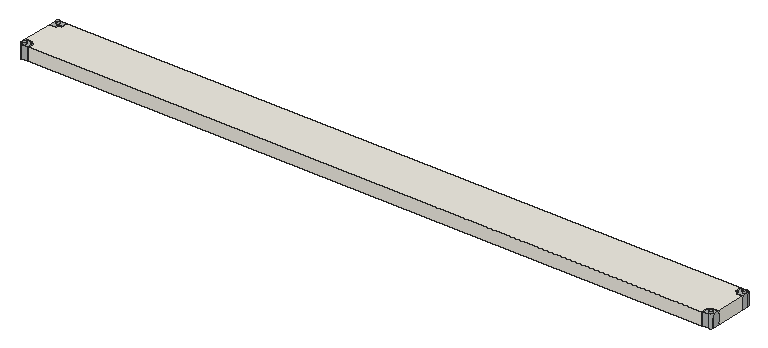
Revit family "HIGHTECH", category Осветительные приборы, Revit 2019 (continued)
Types (32, lengths in mm): name | Файл фотометрической сетки | built-in parameter 1150105 | Lumens | built-in parameter 1150106 | built-in parameter 1150142 | Wattage | Emit from Rectangle Width | Emit from Rectangle Length | Длина | Ширина | ADSK_Ток | ADSK_Полная мощность | ADSK_Обозначение | ADSK_Номинальная мощность | ADSK_Наименование | ADSK_Масса | ADSK_Код изделия
  Hightech-76/opal-sand 295х1195 (IP40, 4000К, белый) | "Светильник HIGHTECH-76 OPAL-SAND-(295x1195).ies" | 604.79 (stored number, unit not read) | 7600 lm | 6.0479 (stored number, unit not read) | "IESNA:LM-63-1995\r\n[TEST] Протокол №335/16 от 03.11.2016г. Испытательная лаборатория Государственного предприятия \"ЦСОТ НАН Беларуси\"\r\n[MORE] FFFFFFFD4B5B12BA015C1433E5FB5F5B8\r\n[DATA] 02.11.2016\r\n[MANUFAC] ЗАО \"Центрстройсвет\"\r\n[LUMCAT] Светильник HIGHTECH-76/OPAL-SAND-(295X1195)\r\n[LUMINAIRE] офисное освещение\r\n[LAMP] \r\nTILT=NONE\r\n1    -1.0   1.000 91 181 1 2   0.295   1.195   0.04\r\n1.0  1.0   75.50\r\n0.0 2.0 4.0 6.0 8.0 10.0 12.0 14.0 16.0 18.0 20.0 22.0 24.0 26.0 28.0 30.0 32.0 34.0 36.0 38.0 40.0 42.0 44.0 46.0 48.0 50.0 52.0 54.0 56.0 58.0 60.0 62.0 64.0 66.0 68.0 70.0 72.0 74.0 76.0 78.0 80.0 82.0 84.0 86.0 88.0 90.0 92.0 94.0 96.0 98.0 100.0 102.0 104.0 106.0 108.0 110.0 112.0 114.0 116.0 118.0 120.0 122.0 124.0 126.0 128.0 130.0 132.0 134.0 136.0 138.0 140.0 142.0 144.0 146.0 148.0 150.0 152.0 154.0 156.0 158.0 160.0 162.0 164.0 166.0 168.0 170.0 172.0 174.0 176.0 178.0 180.0 \r\n0.0 2.0 4.0 6.0 8.0 10.0 12.0 14.0 16.0 18.0 20.0 22.0 24.0 26.0 28.0 30.0 32.0 34.0 36.0 38.0 40.0 42.0 44.0 46.0 48.0 50.0 52.0 54.0 56.0 58.0 60.0 62.0 64.0 66.0 68.0 70.0 72.0 74.0 76.0 78.0 80.0 82.0 84.0 86.0 88.0 90.0 92.0 94.0 96.0 98.0 100.0 102.0 104.0 106.0 108.0 110.0 112.0 114.0 116.0 118.0 120.0 122.0 124.0 126.0 128.0 130.0 132.0 134.0 136.0 138.0 140.0 142.0 144.0 146.0 148.0 150.0 152.0 154.0 156.0 158.0 160.0 162.0 164.0 166.0 168.0 170.0 172.0 174.0 176.0 178.0 180.0 182.0 184.0 186.0 188.0 190.0 192.0 194.0 196.0 198.0 200.0 202.0 204.0 206.0 208.0 210.0 212.0 214.0 216.0 218.0 220.0 222.0 224.0 226.0 228.0 230.0 232.0 234.0 236.0 238.0 240.0 242.0 244.0 246.0 248.0 250.0 252.0 254.0 256.0 258.0 260.0 262.0 264.0 266.0 268.0 270.0 272.0 274.0 276.0 278.0 280.0 282.0 284.0 286.0 288.0 290.0 292.0 294.0 296.0 298.0 300.0 302.0 304.0 306.0 308.0 310.0 312.0 314.0 316.0 318.0 320.0 322.0 324.0 326.0 328.0 330.0 332.0 334.0 336.0 338.0 340.0 342.0 344.0 346.0 348.0 350.0 352.0 354.0 356.0 358.0 360.0 \r\n2755.907 2758.554 2753.161 2748.260 2733.459 2716.893 2696.309 2668.372 2638.377 2600.932 2557.411 2512.908 2465.466 2414.396 2357.836 2298.435 2239.229 2172.084 \r\n2104.547 2034.166 1962.708 1888.308 1811.654 1733.628 1653.446 1571.400 1488.670 1404.175 1318.796 1228.811 1141.474 1053.841 965.425 877.106 788.985 701.940 615.582 530.596 \r\n448.650 369.055 293.774 222.217 154.582 93.612 39.699 3.823 3.823 3.725 3.627 3.529 3.431 3.332 3.234 3.137 3.137 3.039 2.941 2.842 2.744 2.647 2.549 2.450 2.450 2.352 2.254 2.157 2.059 1.960 1.862 \r\n1.764 1.764 1.667 1.569 1.470 1.372 1.274 1.177 1.078 1.078 0.980 0.882 0.784 0.687 0.588 0.490 0.392 0.392 0.294 0.196 0.098 0.000 \r\n2755.907 2758.455 2753.064 2748.065 2733.166 2716.501 2695.819 2667.784 2637.692 2600.247 2556.724 2512.124 2464.681 2413.513 2356.954 2297.552 2238.249 2171.202 \r\n2103.565 2033.186 1961.727 1887.328 1810.674 1732.648 1652.465 1570.518 1487.788 1403.292 1317.816 1227.930 1140.689 1053.058 964.837 876.519 788.396 701.548 615.190 530.303 \r\n448.356 368.859 293.578 222.119 154.483 93.612 39.601 3.823 3.725 3.725 3.627 3.529 3.431 3.332 3.234 3.137 3.039 3.039 2.941 2.842 2.744 2.647 2.549 2.450 2.352 2.352 2.254 2.157 2.059 1.960 1.862 \r\n1.764 1.667 1.667 1.569 1.470 1.372 1.274 1.177 1.078 0.980 0.980 0.882 0.784 0.687 0.588 0.490 0.392 0.294 0.294 0.196 0.098 0.000 \r\n2755.907 2758.357 2752.868 2747.770 2732.871 2716.011 2695.329 2667.294 2637.005 2599.462 2556.039 2511.438 2463.897 2412.631 2356.072 2296.670 2237.269 2170.221 \r\n2102.585 2032.205 1960.747 1886.347 1809.694 1731.668 1651.485 1569.538 1486.905 1402.410 1316.934 1227.146 1139.905 1052.371 964.150 876.029 787.906 701.057 614.798 530.008 \r\n448.061 368.663 293.480 222.022 154.386 93.514 39.504 3.823 3.725 3.725 3.627 3.529 3.431 3.332 3.234 3.137 3.039 3.039 2.941 2.842 2.744 2.647 2.549 2.450 2.352 2.352 2.254 2.157 2.059 1.960 1.862 \r\n1.764 1.667 1.667 1.569 1.470 1.372 1.274 1.177 1.078 0.980 0.980 0.882 0.784 0.687 0.588 0.490 0.392 0.294 0.294 0.196 0.098 0.000 \r\n2755.907 2758.259 2752.770 2747.477 2732.577 2715.619 2694.741 2666.706 2636.319 2598.776 2555.352 2510.654 2463.113 2411.749 2355.190 2295.788 2236.289 2169.241 \r\n2101.605 2031.323 1959.767 1885.367 1808.713 1730.687 1650.505 1568.656 1485.925 1401.528 1316.052 1226.361 1139.219 1051.684 963.465 875.440 787.416 700.567 614.406 529.616 \r\n447.866 368.467 293.283 221.923 154.288 93.514 39.504 3.823 3.725 3.725 3.627 3.529 3.431 3.332 3.234 3.137 3.039 3.039 2.941 2.842 2.744 2.647 2.549 2.450 2.352 2.352 2.254 2.157 2.059 1.960 1.862 \r\n1.764 1.667 1.667 1.569 1.470 1.372 1.274 1.177 1.078 0.980 0.980 0.882 0.784 0.687 0.588 0.490 0.392 0.294 0.294 0.196 0.098 0.000 \r\n2755.907 2758.161 2752.671 2747.280 2732.283 2715.227 2694.250 2666.117 2635.633 2598.090 2554.764 2509.967 2462.329 2410.964 2354.406 2294.906 2235.309 2168.359 \r\n2100.625 2030.343 1958.787 1884.387 1807.733 1729.707 1649.525 1567.676 1485.043 1400.646 1315.072 1225.479 1138.435 1050.901 962.876 874.852 786.926 700.176 614.013 529.323 \r\n447.571 368.272 293.088 221.825 154.190 93.415 39.405 3.823 3.725 3.725 3.627 3.529 3.431 3.332 3.234 3.137 3.039 3.039 2.941 2.842 2.744 2.647 2.549 2.450 2.352 2.352 2.254 2.157 2.059 1.960 1.862 \r\n1.764 1.667 1.667 1.569 1.470 1.372 1.274 1.177 1.078 0.980 0.980 0.882 0.784 0.687 0.588 0.490 0.392 0.294 0.294 0.196 0.098 0.000 \r\n2755.907 2757.965 2752.574 2746.987 2731.989 2714.835 2693.662 2665.530 2635.045 2597.404 2554.078 2509.184 2461.545 2410.082 2353.524 2294.024 2234.328 2167.378 \r\n2099.743 2029.363 1957.708 1883.309 1806.753 1728.727 1648.643 1566.794 1484.161 1399.764 1314.190 1224.695 1137.651 1050.214 962.190 874.264 786.338 699.685 613.621 529.028 \r\n447.278 368.075 292.990 221.727 154.190 93.415 39.405 3.823 3.725 3.627 3.627 3.529 3.431 3.332 3.234 3.137 3.039 3.039 2.941 2.842 2.744 2.647 2.549 2.450 2.352 2.352 2.254 2.157 2.059 1.960 1.862 \r\n1.764 1.667 1.667 1.569 1.470 1.372 1.274 1.177 1.078 0.980 0.980 0.882 0.784 0.687 0.588 0.490 0.392 0.294 0.294 0.196 0.098 0.000 \r\n2755.907 2757.867 2752.378 2746.692 2731.695 2714.443 2693.172 2665.040 2634.358 2596.718 2553.392 2508.497 2460.760 2409.200 2352.642 2293.141 2233.348 2166.398 \r\n2098.763 2028.383 1956.728 1882.328 1805.773 1727.747 1647.662 1565.814 1483.181 1398.881 1313.307 1223.911 1136.965 1049.529 961.603 873.675 785.848 699.195 613.230 528.734 \r\n446.983 367.879 292.793 221.629 154.091 93.317 39.307 3.823 3.725 3.627 3.627 3.529 3.431 3.332 3.234 3.137 3.039 2.941 2.941 2.842 2.744 2.647 2.549 2.450 2.352 2.352 2.254 2.157 2.059 1.960 1.862 \r\n1.764 1.667 1.667 1.569 1.470 1.372 1.274 1.177 1.078 0.980 0.980 0.882 0.784 0.687 0.588 0.490 0.392 0.294 0.294 0.196 0.098 0.000 \r\n2755.907 2757.769 2752.279 2746.497 2731.302 2713.953 2692.682 2664.452 2633.673 2596.031 2552.705 2507.713 2459.976 2408.417 2351.759 2292.259 2232.368 2165.418 \r\n2097.782 2027.403 1955.748 1881.348 1804.694 1726.767 1646.682 1564.931 1482.299 1398.097 1312.327 1223.029 1136.181 1048.842 960.916 873.088 785.357 698.803 612.838 528.342 \r\n446.788 367.683 292.598 221.532 153.993 93.220 39.209 3.823 3.725 3.627 3.627 3.529 3.431 3.332 3.234 3.137 3.039 2.941 2.941 2.842 2.744 2.647 2.549 2.450 2.352 2.352 2.254 2.157 2.059 1.960 1.862 \r\n1.764 1.667 1.667 1.569 1.470 1.372 1.274 1.177 1.078 0.980 0.980 0.882 0.784 0.687 0.588 0.490 0.392 0.294 0.294 0.196 0.098 0.000 \r\n2755.907 2757.671 2752.181 2746.202 2731.009 2713.561 2692.094 2663.863 2632.986 2595.346 2552.020 2507.027 2459.192 2407.534 2350.877 2291.377 2231.387 2164.536 \r\n2096.802 2026.520 1954.768 1880.368 1803.714 1725.787 1645.702 1563.951 1481.416 1397.215 1311.445 1222.245 1135.396 1048.058 960.229 872.500 784.867 698.313 612.446 528.048 \r\n446.493 367.487 292.500 221.433 153.896 93.220 39.209 3.823 3.725 3.627 3.627 3.529 3.431 3.332 3.234 3.137 3.039 2.941 2.941 2.842 2.744 2.647 2.549 2.450 2.352 2.254 2.254 2.157 2.059 1.960 1.862 \r\n1.764 1.667 1.667 1.569 1.470 1.372 1.274 1.177 1.078 0.980 0.980 0.882 0.784 0.687 0.588 0.490 0.392 0.294 0.294 0.196 0.098 0.000 \r\n2755.907 2757.573 2752.084 2745.908 2730.715 2713.169 2691.603 2663.275 2632.300 2594.659 2551.333 2506.341 2458.408 2406.652 2349.995 2290.495 2230.407 2163.556 \r\n2095.822 2025.539 1953.788 1879.388 1802.734 1724.806 1644.722 1563.069 1480.436 1396.332 1310.465 1221.460 1134.711 1047.372 959.642 872.010 784.279 697.921 612.053 527.754 \r\n446.199 367.193 292.303 221.335 153.798 93.122 39.111 3.823 3.725 3.627 3.627 3.529 3.431 3.332 3.234 3.137 3.039 2.941 2.941 2.842 2.744 2.647 2.549 2.450 2.352 2.254 2.254 2.157 2.059 1.960 1.862 \r\n1.764 1.667 1.667 1.569 1.470 1.372 1.274 1.177 1.078 0.980 0.980 0.882 0.784 0.687 0.588 0.490 0.392 0.294 0.294 0.196 0.098 0.000 \r\n2755.907 2757.475 2751.986 2745.615 2730.420 2712.777 2691.113 2662.785 2631.614 2593.973 2550.648 2505.556 2457.624 2405.770 2349.113 2289.612 2229.426 2162.576 \r\n2094.842 2024.559 1952.709 1878.309 1801.754 1723.826 1643.742 1562.089 1479.554 1395.450 1309.583 1220.578 1133.926 1046.685 958.956 871.421 783.789 697.431 611.661 527.459 \r\n445.905 366.997 292.108 221.237 153.798 93.122 39.013 3.823 3.725 3.627 3.529 3.529 3.431 3.332 3.234 3.137 3.039 2.941 2.941 2.842 2.744 2.647 2.549 2.450 2.352 2.254 2.254 2.157 2.059 1.960 1.862 \r\n1.764 1.667 1.667 1.569 1.470 1.372 1.274 1.177 1.078 0.980 0.980 0.882 0.784 0.687 0.588 0.490 0.392 0.294 0.294 0.196 0.098 0.000 \r\n2755.907 2757.279 2751.789 2745.418 2730.127 2712.384 2690.525 2662.197 2631.026 2593.287 2550.059 2504.871 2456.839 2404.985 2348.231 2288.730 2228.446 2161.694 \r\n2093.960 2023.579 1951.729 1877.329 1800.774 1722.846 1642.860 1561.207 1478.672 1394.568 1308.701 1219.793 1133.142 1046.000 958.367 870.833 783.299 696.941 611.269 527.067 \r\n445.709 366.800 292.010 221.041 153.700 93.024 39.013 3.823 3.725 3.627 3.529 3.529 3.431 3.332 3.234 3.137 3.039 2.941 2.941 2.842 2.744 2.647 2.549 2.450 2.352 2.254 2.254 2.157 2.059 1.960 1.862 \r\n1.764 1.667 1.569 1.569 1.470 1.372 1.274 1.177 1.078 0.980 0.980 0.882 0.784 0.687 0.588 0.490 0.392 0.294 0.294 0.196 0.098 0.000 \r\n2755.907 2757.180 2751.691 2745.124 2729.832 2711.992 2690.035 2661.608 2630.339 2592.601 2549.373 2504.086 2456.055 2404.103 2347.348 2287.848 2227.466 2160.713 \r\n2092.980 2022.599 1950.749 1876.349 1799.793 1721.768 1641.879 1560.226 1477.691 1393.686 1307.720 1219.010 1132.456 1045.215 957.681 870.245 782.809 696.548 610.877 526.774 \r\n445.414 366.605 291.813 220.943 153.601 93.024 38.915 3.823 3.725 3.627 3.529 3.529 3.431 3.332 3.234 3.137 3.039 2.941 2.842 2.842 2.744 2.647 2.549 2.450 2.352 2.254 2.254 2.157 2.059 1.960 1.862 \r\n1.764 1.667 1.569 1.569 1.470 1.372 1.274 1.177 1.078 0.980 0.980 0.882 0.784 0.687 0.588 0.490 0.392 0.294 0.294 0.196 0.098 0.000 \r\n2755.907 2757.083 2751.594 2744.830 2729.539 2711.502 2689.545 2661.021 2629.654 2591.915 2548.687 2503.401 2455.271 2403.221 2346.564 2286.966 2226.486 2159.733 \r\n2091.999 2021.619 1949.769 1875.369 1798.813 1720.787 1640.899 1559.344 1476.809 1392.804 1306.837 1218.128 1131.672 1044.529 957.093 869.656 782.319 696.058 610.485 526.479 \r\n445.121 366.408 291.618 220.845 153.503 92.925 38.915 3.823 3.725 3.627 3.529 3.529 3.431 3.332 3.234 3.137 3.039 2.941 2.842 2.842 2.744 2.647 2.549 2.450 2.352 2.254 2.254 2.157 2.059 1.960 1.862 \r\n1.764 1.667 1.569 1.569 1.470 1.372 1.274 1.177 1.078 0.980 0.980 0.882 0.784 0.687 0.588 0.490 0.392 0.294 0.294 0.196 0.098 0.000 \r\n2755.907 2756.985 2751.496 2744.634 2729.244 2711.110 2688.957 2660.531 2628.967 2591.228 2548.001 2502.616 2454.389 2402.339 2345.682 2286.084 2225.506 2158.850 \r\n2091.019 2020.737 1948.690 1874.290 1797.833 1719.807 1639.919 1558.364 1475.926 1392.019 1305.955 1217.343 1130.887 1043.843 956.407 869.069 781.730 695.568 610.093 526.185 \r\n444.827 366.213 291.519 220.747 153.406 92.925 38.817 3.823 3.725 3.627 3.529 3.431 3.431 3.332 3.234 3.137 3.039 2.941 2.842 2.842 2.744 2.647 2.549 2.450 2.352 2.254 2.254 2.157 2.059 1.960 1.862 \r\n1.764 1.667 1.569 1.569 1.470 1.372 1.274 1.177 1.078 0.980 0.980 0.882 0.784 0.687 0.588 0.490 0.392 0.294 0.294 0.196 0.098 0.000 \r\n2755.907 2756.887 2751.398 2744.340 2728.852 2710.718 2688.466 2659.943 2628.281 2590.542 2547.314 2501.930 2453.605 2401.554 2344.799 2285.201 2224.525 2157.870 \r\n2090.039 2019.756 1947.710 1873.310 1796.853 1718.827 1638.939 1557.481 1474.946 1391.137 1304.975 1216.559 1130.201 1043.157 955.720 868.481 781.240 695.176 609.701 525.794 \r\n444.631 366.016 291.323 220.649 153.406 92.827 38.719 3.823 3.725 3.627 3.529 3.431 3.431 3.332 3.234 3.137 3.039 2.941 2.842 2.842 2.744 2.647 2.549 2.450 2.352 2.254 2.157 2.157 2.059 1.960 1.862 \r\n1.764 1.667 1.569 1.569 1.470 1.372 1.274 1.177 1.078 0.980 0.980 0.882 0.784 0.687 0.588 0.490 0.392 0.294 0.294 0.196 0.098 0.000 \r\n2755.907 2756.789 2751.201 2744.046 2728.558 2710.326 2687.879 2659.354 2627.693 2589.856 2546.629 2501.244 2452.820 2400.672 2343.917 2284.320 2223.545 2156.890 \r\n2089.059 2018.776 1946.730 1872.330 1795.774 1717.847 1638.056 1556.501 1474.064 1390.255 1304.093 1215.677 1129.417 1042.373 955.133 867.991 780.750 694.686 609.309 525.499 \r\n444.337 365.820 291.128 220.551 153.308 92.730 38.719 3.823 3.725 3.627 3.529 3.431 3.431 3.332 3.234 3.137 3.039 2.941 2.842 2.842 2.744 2.647 2.549 2.450 2.352 2.254 2.157 2.157 2.059 1.960 1.862 \r\n1.764 1.667 1.569 1.569 1.470 1.372 1.274 1.177 1.078 0.980 0.980 0.882 0.784 0.687 0.588 0.490 0.392 0.294 0.294 0.196 0.098 0.000 \r\n2755.907 2756.592 2751.104 2743.850 2728.264 2709.934 2687.389 2658.864 2627.007 2589.170 2545.942 2500.459 2452.036 2399.790 2343.035 2283.438 2222.565 2156.008 \r\n2088.079 2017.796 1945.750 1871.350 1794.794 1716.867 1637.076 1555.619 1473.182 1389.372 1303.113 1214.892 1128.633 1041.687 954.446 867.402 780.260 694.294 608.917 525.205 \r\n444.042 365.625 291.029 220.453 153.209 92.730 38.621 3.823 3.725 3.627 3.529 3.431 3.431 3.332 3.234 3.137 3.039 2.941 2.842 2.744 2.744 2.647 2.549 2.450 2.352 2.254 2.157 2.157 2.059 1.960 1.862 \r\n1.764 1.667 1.569 1.569 1.470 1.372 1.274 1.177 1.078 0.980 0.882 0.882 0.784 0.687 0.588 0.490 0.392 0.294 0.294 0.196 0.098 0.000 \r\n2755.907 2756.495 2751.006 2743.556 2727.970 2709.443 2686.899 2658.276 2626.320 2588.484 2545.255 2499.773 2451.252 2399.006 2342.153 2282.556 2221.585 2155.028 \r\n2087.196 2016.816 1944.769 1870.370 1793.814 1715.886 1636.095 1554.639 1472.202 1388.490 1302.231 1214.109 1127.946 1041.000 953.858 866.814 779.672 693.804 608.524 524.912 \r\n443.749 365.330 290.833 220.355 153.111 92.632 38.523 3.823 3.725 3.627 3.529 3.431 3.431 3.332 3.234 3.137 3.039 2.941 2.842 2.744 2.744 2.647 2.549 2.450 2.352 2.254 2.157 2.157 2.059 1.960 1.862 \r\n1.764 1.667 1.569 1.569 1.470 1.372 1.274 1.177 1.078 0.980 0.882 0.882 0.784 0.687 0.588 0.490 0.392 0.294 0.294 0.196 0.098 0.000 \r\n2755.907 2756.397 2750.907 2743.261 2727.676 2709.052 2686.311 2657.687 2625.635 2587.700 2544.668 2498.989 2450.468 2398.124 2341.271 2281.673 2220.605 2154.047 \r\n2086.215 2015.836 1943.691 1869.292 1792.834 1714.906 1635.115 1553.757 1471.320 1387.608 1301.348 1213.227 1127.163 1040.314 953.173 866.226 779.182 693.314 608.132 524.519 \r\n443.552 365.134 290.637 220.257 153.013 92.632 38.523 3.823 3.725 3.627 3.529 3.431 3.332 3.332 3.234 3.137 3.039 2.941 2.842 2.744 2.744 2.647 2.549 2.450 2.352 2.254 2.157 2.157 2.059 1.960 1.862 \r\n1.764 1.667 1.569 1.569 1.470 1.372 1.274 1.177 1.078 0.980 0.882 0.882 0.784 0.687 0.588 0.490 0.392 0.294 0.294 0.196 0.098 0.000 \r\n2755.907 2756.299 2750.711 2742.968 2727.382 2708.660 2685.821 2657.100 2624.948 2587.013 2543.982 2498.303 2449.684 2397.242 2340.388 2280.791 2219.624 2153.166 \r\n2085.235 2014.954 1942.711 18
